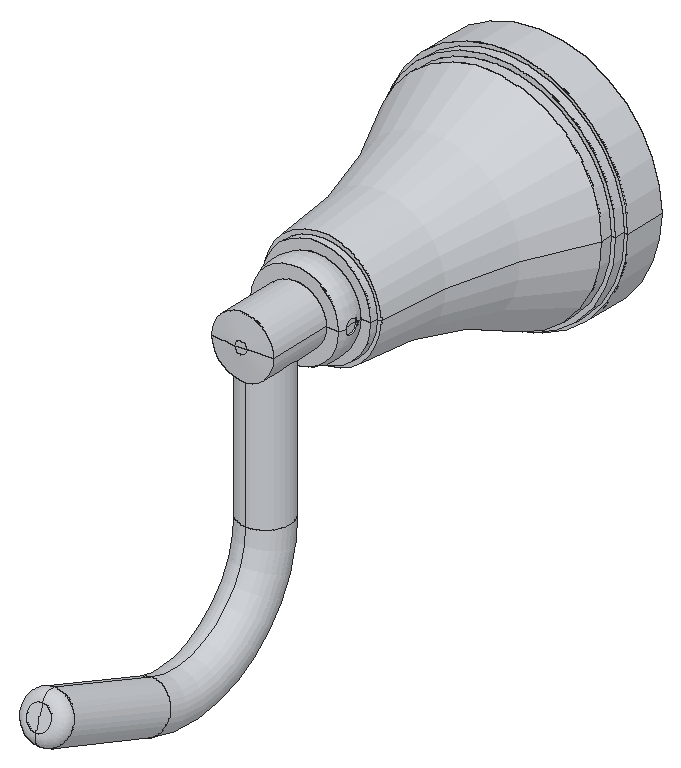
Revit family "Reece_Accessory_Kado_Era_Robe Hook", category Plumbing Fixtures, Revit 2018
Family settings
  Round Connector Dimension = Use Diameter
  Part Type = Normal
  Work Plane-Based = Yes
  Always vertical = Yes
  Cut with Voids When Loaded = Yes
  Shared = Yes
  Room Calculation Point = Yes
Parameters (values of type "Chrome")
  URL = "https://www.reece.com.au/product/-9507736"
  Type Comments = "Accessory"
  Reece_Product_Web Page = "https://www.reece.com.au/product/-9507736"
  Reece_Product_Type = "Accessory"  # constant formula
  Reece_Product_Sub Brand = "Era"  # constant formula
  Reece_Product_Number = "9507736"
  Reece_Product_Mount = "Wall Mounted"
  Reece_Product_Description = "Kado Era Robe Hook Chrome"
  Reece_Product_Brand = "Kado"  # constant formula
  Reece_Overall_Width = 127.3 mm  # constant formula
  Reece_Overall_Height = 86 mm  # constant formula
  Reece_Overall_Diameter = 50 mm  # constant formula
  Reece_Material_Main = Reece_Brass_Chrome
  Reece_Height_From_Level [instance] = 1000 mm
  Reece_Detail_Installation = "Wall Mounted"  # constant formula
  Reece_Detail_Disclaimer = "THIS FILE IS THE PROPERTY OF THE REECE GROUP. IT MAY NOT BE REPRODUCED, REVERSE-ENGINEERED OR MODIFIED. ANY REPUBLICATION, TRANSMISSION OR DISTRIBUTION FOR THE PURPOSE OF COMMERCIALLY EXPLOITING THE FILES IS PROHIBITED."  # constant formula
  Reece_Detail_Additional = "Robe Hook"  # constant formula
  Model = "Era"
  Manufacturer = "Kado"
  Keynote = "Product #9507736, Reece_Accessory_Kado_Era_Robe Hook - Chrome"
  Disclaimer = "THIS FILE IS THE PROPERTY OF THE REECE GROUP. IT MAY NOT BE REPRODUCED, REVERSE-ENGINEERED OR MODIFIED. ANY REPUBLICATION, TRANSMISSION OR DISTRIBUTION FOR THE PURPOSE OF COMMERCIALLY EXPLOITING THE FILES IS PROHIBITED."  # constant formula
  Description = "Kado Era Robe Hook Chrome"
  Default Elevation = 0 mm
Types (5, lengths in mm): name | URL | Reece_Product_Web Page | Reece_Product_Number | Reece_Product_Description | Reece_Material_Main | Keynote | Description
  (no name) | "https://www.reece.com.au/product/-9512122" | "https://www.reece.com.au/product/-9512122" | "9512122" | "Kado Era Robe Hook Brushed Nickel" | Reece_Brass_Brushed Nickel | "Product #9512122, Reece_Accessory_Kado_Era_Robe Hook -  " | "Kado Era Robe Hook Brushed Nickel"
  Chrome | "https://www.reece.com.au/product/-9507736" | "https://www.reece.com.au/product/-9507736" | "9507736" | "Kado Era Robe Hook Chrome" | Reece_Brass_Chrome | "Product #9507736, Reece_Accessory_Kado_Era_Robe Hook - Chrome" | "Kado Era Robe Hook Chrome"
  Matte Black | "https://www.reece.com.au/product/-2263721" | "https://www.reece.com.au/product/-2263721" | "2263721" | "Kado Era Robe Hook Matte Black" | Reece_Brass_Matte Black | "Product #2263721, Reece_Accessory_Kado_Era_Robe Hook - Matte Black" | "Kado Era Robe Hook Matte Black"
  Brass Gold | "https://www.reece.com.au/product/-9507735" | "https://www.reece.com.au/product/-9507735" | "9507735" | "Kado Era Robe Hook Brass Gold" | Reece_Brass_Gold | "Product #9507735, Reece_Accessory_Kado_Era_Robe Hook - Brass Gold" | "Kado Era Robe Hook Brass Gold"
  Brushed Nickel | "https://www.reece.com.au/product/-9512122" | "https://www.reece.com.au/product/-9512122" | "9512122" | "Kado Era Robe Hook Brushed Nickel" | Reece_Brass_Brushed Nickel | "Product #9512122, Reece_Accessory_Kado_Era_Robe Hook - Brushed Nickel" | "Kado Era Robe Hook Brushed Nickel"
Reference planes
  plane 1 "Center (Front/Back)": y = 0
  plane 2 "Bottom Host Plane": z = -5
  plane 3 "Center (Left/Right)": x = 0
  plane 4 "Height From Floor": z = 1000
  plane 5: y = -127.3
  plane 6: x = -25
  plane 7: x = 25
  plane 8: z = 1025
  plane 9: z = 939
Lines and regions (mm)
  model lines, style "InvisibleLines"
    curve 1: line (0, 0, -5) -> (0, 0, 1000)
Text (mm)
  text "Reece ©" at (2668.853, -2395.367, 2952.593), in view "Reece Preview"
  text "Reece Copyright © 2018, Reece Ltd." at (-247.475, -190.626, 0), in view "Ref. Level"
Dimensions and locks
  plane 2 "Bottom Host Plane" to level = 5 mm
  locked: level to plane 2 "Bottom Host Plane" at 5
  "Reece_Height_From_Level": plane 4 "Height From Floor" to level
  "Reece_Overall_Width": plane 1 "Center (Front/Back)" to plane 5
  equal spacing: plane 6, plane 3 "Center (Left/Right)", plane 7
  "Reece_Overall_Diameter": plane 7 to plane 6
  locked: plane 8 to plane 4 "Height From Floor" at 25
  "Reece_Overall_Height": plane 9 to plane 8
  aligned and locked: plane 2 "Bottom Host Plane" to curve 1
  aligned and locked: plane 4 "Height From Floor" to curve 1
  aligned and locked: nested 1 to plane 4 "Height From Floor"
Automatic sketch dimensions
  curve 1 to plane 3 "Center (Left/Right)" = 0 mm
Nested families
  nested 1: "Reece_Accessory_Kado_Era_Robe Hook_Nested" at (-4, 0, 1000) x (-1, 0, 0) z (0, -1, 0), Reece_Material_Main <- "Reece_Material_Main", type "Reece_Accessory_Kado_Era_Robe Hook_Nested"
    with Reece_Material_Main Reece_Brass_Chrome
Definition of nested family "Reece_Accessory_Kado_Era_Robe Hook_Nested"
  Parameters (values of type "Reece_Accessory_Kado_Era_Robe Hook_Nested")
    Waste Connection = no
    WFU = 0
    Vent Connection = no
    URL = ""
    Type Comments = ""
    Reece_Material_Main [instance] = none
    Model = ""
    Manufacturer = ""
    Keynote = ""
    HWFU = 0
    HW Connection = no
    Description = ""
    Default Elevation = 0 mm
    Cost = 0
    CWFU = 0
    CW Connection = no
    Assembly Code = ""
  Reference planes
    plane 1 "Center (Front/Back)": y = 0
    plane 2: z = 0
    plane 3 "Center (Left/Right)": x = -4
    plane 4: x = -29
    plane 5: x = 21
    plane 6: y = -61
  Forms (mm)
    Extrusion 1, solid
      sketch origin (619.2, -619.2, 0) x (1, 0, 0) y (0, 1, 0)
        loop
          line (-714.004, 715.618) -> (-714.004, 527.891) -> (-529.957, 527.891) -> (-529.957, 715.618) -> (-714.004, 715.618)
      from 0 to -30
    Sweep 2, solid, material <- "Reece_Material_Main"
      path origin (-4, -495, 5) x (0, 0, -1) y (0, 1, 0)
        loop
          line (-119.141, 449.425) -> (-94.742, 440.544)
          arc (-94.742, 440.544) -> (-73.836, 443.297) -> (-64.1, 462) r 22.833
          line (-64.1, 462) -> (-64.1, 495)
      profile origin (-4, -16.5, 69.1) x (0, 0, 1) y (1, 0, 0)
        loop
          circle (0, 0) r 5
    Revolve 3, solid, material <- "Reece_Material_Main"
      sketch origin (-4, -412.542, -168.267) x (0, 0.422617, -0.906308) y (0, 0.906308, 0.422617)
        loop
          line (-109.926, 456.163) -> (-111.691, 457.928)
          arc (-111.691, 457.928) -> (-112.572, 457.047) -> (-113.455, 456.169) r 642.842
          arc (-113.455, 456.169) -> (-114.193, 454.399) -> (-113.461, 452.627) r 2.5
          line (-113.461, 452.627) -> (-109.926, 456.163)
        axis (-109.926, 456.163) -> (-111.693, 457.93)
      angle from 0 to 360
    Revolve 4, solid, material <- "Reece_Material_Main"
      sketch origin (-4, 0, 0) x (-1, 0, 0) y (0, 0, 1)
        loop
          line (-25, 0) -> (0, 0) -> (0, 75.275) -> (-1.236, 75.275)
          arc (-1.236, 75.275) -> (-3.762, 75.169) -> (-6.27, 74.85) r 30
          line (-6.27, 74.85) -> (-6.27, 61.65) -> (-8.9, 61.65)
          arc (-8.9, 61.65) -> (-9.45, 58.925) -> (-8.9, 56.2) r 7.026
          line (-8.9, 56.2) -> (-11.05, 56.2) -> (-11.05, 54.7) -> (-11.925, 54.7)
          arc (-11.925, 54.7) -> (-14.94, 33.044) -> (-23.2, 12.8) r 88
          line (-23.2, 12.8) -> (-23.2, 10.5) -> (-24.2, 10.5) -> (-24.2, 8.5) -> (-25, 8.5) -> (-25, 0)
        axis (0, 0) -> (0, 75.275)
      angle from 0 to 360
    Revolve 5, void
      sketch origin (0, 0, 0) x (1, 0, 0) y (0, 0, 1)
        loop
          line (-12.783, 58.925) -> (-12.783, 60.425) -> (-13.61, 60.425) -> (-13.61, 58.925) -> (-12.783, 58.925)
        loop
          line (4.783, 58.925) -> (5.61, 58.925) -> (5.61, 60.425) -> (4.783, 60.425) -> (4.783, 58.925)
        axis (-13.61, 58.925) -> (5.61, 58.925)
      angle from 0 to 360
  Cuts and joins
    Revolve 5 cuts Revolve 4
    joined: Sweep 2, Revolve 3, Revolve 4
  Text (mm)
    text "Reece Copyright © 2018, Reece Ltd." at (-378.57, -123.478, 0), in view "Ref. Level"
    text "Reece ©" at (408.528, -766.776, 506.903), in view "Reece_Preview"
  Dimensions and locks
    equal spacing: plane 4, plane 3 "Center (Left/Right)", plane 5
    aligned and locked: plane 2 to Extrusion 1
    aligned and locked: level to Extrusion 1
  Automatic sketch dimensions
    Extrusion 1 sketch curve to Extrusion 1 sketch curve = 184.047 mm
    Extrusion 1 sketch curve to Extrusion 1 sketch curve = 187.727 mm
    Sweep 2 sketch curve to profile plane = 0 mm
    profile plane to Sweep 2 sketch curve = 0 mm
    Revolve 4 sketch curve to level = 0 mm
    Revolve 4 sketch curve to plane 3 "Center (Left/Right)" = 0 mm
    Revolve 4 sketch curve to plane 5 = 25 mm
    Revolve 4 sketch curve to Revolve 4 sketch curve = 1.236 mm
    Revolve 4 sketch curve to Revolve 4 sketch curve = 1.189 mm
    Revolve 4 sketch curve to Revolve 4 sketch curve = 3.846 mm
    Revolve 4 sketch curve to Revolve 4 sketch curve = 2.63 mm
    Revolve 4 sketch curve to Revolve 4 sketch curve = 0 mm
    Revolve 4 sketch curve to Revolve 4 sketch curve = 2.15 mm
    Revolve 4 sketch curve to Revolve 4 sketch curve = 0.875 mm
    level to Revolve 4 sketch curve = 10.5 mm
    Revolve 4 sketch curve to Revolve 4 sketch curve = 23.2 mm
    Revolve 4 sketch curve to Revolve 4 sketch curve = 1 mm
    Revolve 4 sketch curve to Revolve 4 sketch curve = 0.8 mm
    level to Revolve 4 sketch curve = 55.911 mm
    Revolve 4 sketch curve to Revolve 4 sketch curve = 87.992 mm
    Revolve 4 sketch curve to Revolve 4 sketch curve = 2 mm
    Revolve 4 sketch curve to Revolve 4 sketch curve = 2.3 mm
    Revolve 4 sketch curve to Revolve 4 sketch curve = 9.425 mm
    Revolve 4 sketch curve to Revolve 4 sketch curve = 1.5 mm
    Revolve 4 sketch curve to Revolve 4 sketch curve = 2.725 mm
    Revolve 4 sketch curve to Revolve 4 sketch curve = 13.2 mm
    Revolve 4 sketch curve to level = 12.283 mm
    Revolve 4 sketch curve to Revolve 4 sketch curve = 7.441 mm
    Sweep 2 sketch curve to plane 1 "Center (Front/Back)" = 0 mm
    level to Sweep 2 sketch curve = 99.742 mm
    Sweep 2 sketch curve to Sweep 2 sketch curve = 7.809 mm
    Sweep 2 sketch curve to Sweep 2 sketch curve = 22.833 mm
    Sweep 2 sketch curve to Sweep 2 sketch curve = 33 mm
    plane 1 "Center (Front/Back)" to Sweep 2 sketch curve = 45.575 mm
    Sweep 2 sketch curve to Sweep 2 sketch curve = 24.399 mm
    Revolve 3 sketch curve to plane 1 "Center (Front/Back)" = 174.909 mm
    level to Revolve 3 sketch curve = 730.646 mm
    Revolve 3 sketch curve to Revolve 3 sketch curve = 452.965 mm
    Revolve 3 sketch curve to Revolve 3 sketch curve = 1.768 mm  (x2)
    Revolve 3 sketch curve to Revolve 3 sketch curve = 0.003 mm
    Revolve 3 sketch curve to Revolve 3 sketch curve = 1.765 mm  (x2)
    Revolve 3 sketch curve to Revolve 3 sketch curve = 454.38 mm
    Revolve 3 sketch curve to Revolve 3 sketch curve = 1.043 mm  (x2)
    Revolve 3 sketch curve to Revolve 3 sketch curve = 0.87 mm  (x2)
    Revolve 5 sketch curve to plane 3 "Center (Left/Right)" = 9.61 mm
    Revolve 5 sketch curve to Revolve 5 sketch curve = 0.827 mm  (x2)
    plane 3 "Center (Left/Right)" to Revolve 5 sketch curve = 8.783 mm
    level to Revolve 5 sketch curve = 58.925 mm
    Revolve 5 sketch curve to Revolve 5 sketch curve = 0 mm  (x2)
    Revolve 5 sketch curve to Revolve 5 sketch curve = 1.5 mm  (x2)
    Revolve 5 sketch curve to Revolve 5 sketch curve = 2.513 mm
    Revolve 5 sketch curve to Revolve 5 sketch curve = 3.118 mm
    radius of Sweep 2 sketch curve = 5 mm
